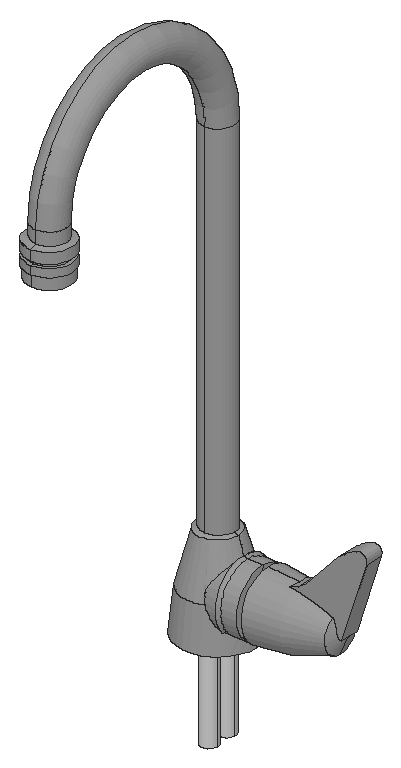
Revit family "equip-faucet-elkay-lkd208513", category Plumbing Fixtures, Revit 2019
Family settings
  Round Connector Dimension = Use Radius
  Part Type = Normal
  OmniClass Number = 23.45.55.17
  OmniClass Title = Mixing Faucets
  Work Plane-Based = Yes
  Always vertical = Yes
  Cut with Voids When Loaded = No
  Shared = No
  Room Calculation Point = No
Parameters
  URL = "www.elkayusa.com"
  Type Comments = ""
  Stem Material = Metal - Steel
  Specification URL = "http://www.elkayusa.com/cps/rde/xbcr/elkay/05-123_LKD20858_LKD208513.pdf"
  OmniClass Title = "Mixing Faucets"
  OmniClass Code = "23.45.55.17"
  Nominal Radius = Nominal Dia / 2  # 0' - 0 3/16"
  Nominal Dia = 0' - 0 3/8"
  Model = ""
  MasterFormat Title = "Commercial Faucets"
  MasterFormat Number = "22 42 39"
  Manufacturer = "Elkay"
  Keynote = ""
  HW Flow Rate = 2 GPM
  Faucet Material = Metal - Steel - Stainless - Chrome
  Description = ""
  Default Elevation = 3' - 0"
  Cost = 0
  CW Flow Rate = 2 GPM
  Assembly Code = "D2010900"
Reference planes (in)
  plane 1 "Center (Front/Back)": y = 0
  plane 2 "Sink Deck": z = 0
  plane 3 "Center (Left/Right)": x = 0
  plane 4 "Bottom of Stem": z = -2.12225
  plane 5 "Masking Region": z = 1.25
  plane 6 "CL Back Conn": y = 0.24999
  plane 7 "CL Front Conn": y = -0.25001
  plane 8 "Back": y = 0.87176
  plane 9 "Front": y = -0.8748
  plane 10 "Right": x = 2.89627
  plane 11 "Left": x = -2.89627
Forms (in)
  Sweep 1, solid, material "Metal - Steel - Stainless - Chrome" <- "Faucet Material"
    path origin (0, 0, 0) x (0, 1, 0) y (0, 0, 1)
      loop
        line (0, 2.125) -> (0, 10.375)
        arc (0, 10.375) -> (-2.37527, 12.75) -> (-4.75, 10.37446) r 2.375
        line (-4.75, 10.37446) -> (-4.75, 9.5941)
    profile origin (0, 0, 6.25) x (0, -1, 0) y (1, 0, 0)
      loop
        circle (0, 0) r 0.375
  Revolve 2, solid, material "Metal - Steel - Stainless - Chrome" <- "Faucet Material"
    sketch origin (0, 0, 0) x (1, 0, 0) y (0, 0, 1)
      loop
        line (0, 2.232) -> (0, 0) -> (0.87525, 0)
        arc (0.87525, 0) -> (0.84202, 0.48472) -> (0.77524, 0.96596) r 7
        arc (0.77524, 0.96596) -> (0.64698, 1.55205) -> (0.469, 2.125) r 7
        line (0.469, 2.125) -> (0.29525, 2.232) -> (0, 2.232)
      axis (0, 2.232) -> (0, 0)
    angle from 0 to 360
  Revolve 3, solid, material "Metal - Steel - Stainless - Chrome" <- "Faucet Material"
    sketch origin (0, 0, 0) x (0, 1, 0) y (0, 0, 1)
      loop
        line (-4.75, 10.18786) -> (-5.05543, 10.18786)
        arc (-5.05543, 10.18786) -> (-5.14047, 10.08548) -> (-5.266, 10.04125) r 0.25
        line (-5.266, 10.04125) -> (-5.266, 9.81125) -> (-5.1775, 9.81125) -> (-5.1775, 9.71525) -> (-5.2625, 9.71525) -> (-5.2625, 9.53025) -> (-5.23074, 9.53025) -> (-5.23074, 9.26525) -> (-4.75, 9.26525) -> (-4.75, 10.18786)
      axis (-4.75, 10.18786) -> (-4.75, 9.26525)
    angle from 0 to 360
  Extrusion 4, solid, material "Metal - Steel" <- "Stem Material"
    sketch origin (0, 0, 0) x (1, 0, 0) y (0, 1, 0)
      loop
        circle (0, -0.25001) r 0.1875
    from -2.12225 to 0
  Extrusion 5, solid, material "Metal - Steel" <- "Stem Material"
    sketch origin (0, 0, 0) x (1, 0, 0) y (0, 1, 0)
      loop
        circle (0, 0.24999) r 0.1875
    from -2.12225 to 0
  Extrusion 6, solid, material "Metal - Steel - Stainless - Chrome" <- "Faucet Material"
    sketch origin (0, 0, 0) x (-1, 0, 0) y (0, 0, -1)
      loop
        line (-2.89627, -2.62892) -> (-2.15849, -1.84009)
        arc (-2.15849, -1.84009) -> (-2.06646, -1.76282) -> (-1.95864, -1.70975) r 0.5
        line (-1.95864, -1.70975) -> (-1.72115, -1.62654) -> (-1.72115, -0.96875) -> (-2.95328, -0.96875)
        arc (-2.95328, -0.96875) -> (-3.26735, -1.8077) -> (-3.50938, -2.67019) r 10.58985
        spline (-3.50938, -2.67019) -> (-3.51948, -2.73877) -> (-3.5152, -2.79701) -> (-3.49668, -2.84321) -> (-3.46447, -2.87597) -> (-3.41952, -2.89432) -> (-3.36318, -2.89773) -> (-3.29711, -2.88608) -> (-3.22328, -2.85973) -> (-3.14388, -2.81946) -> (-3.06127, -2.76646) -> (-2.97791, -2.70231) -> (-2.89627, -2.62892)
    from -0.20703 to 0.20703
  Revolve 7, solid, material "Metal - Steel - Stainless - Chrome" <- "Faucet Material"
    sketch origin (0, 0, 0) x (1, 0, 0) y (0, 0, 1)
      loop
        arc (2.95328, 0.96875) -> (2.8569, 1.18937) -> (2.75552, 1.40775) r 10.58985
        arc (2.75552, 1.40775) -> (1.96028, 1.6454) -> (1.135, 1.73375) r 4.52346
        line (1.135, 1.73375) -> (1.135, 1.49375) -> (1.02025, 1.49375) -> (1.02025, 0.96875) -> (2.95328, 0.96875)
      axis (2.95328, 0.96875) -> (1.02025, 0.96875)
    angle from 0 to 360
  Revolve 8, solid, material "Metal - Steel - Stainless - Chrome" <- "Faucet Material"
    sketch origin (0, 0, 0) x (-1, 0, 0) y (0, 0, 1)
      loop
        line (-1.02025, 0.96875) -> (0, 0.96875) -> (0, 1.62869) -> (-0.5805, 1.76271)
        arc (-0.5805, 1.76271) -> (-0.61505, 1.731) -> (-0.66064, 1.72) r 0.09375
        arc (-0.66064, 1.72) -> (-0.84047, 1.72056) -> (-1.02025, 1.7165) r 7
        line (-1.02025, 1.7165) -> (-1.02025, 0.96875)
      axis (-1.02025, 0.96875) -> (0, 0.96875)
    angle from 0 to 360
Cuts and joins
  joined: Revolve 2, Revolve 8
  joined: Extrusion 6, Revolve 7
Lines and regions (in)
  Masking region 1
    outline origin (0, 0, 1.25) x (0, -1, 0) y (1, 0, 0)
      loop
        arc (0.79201, 0.37187) -> (-0.87176, -0.00087) -> (0.79274, -0.37029) r 0.87344
        arc (0.79274, -0.37029) -> (0.8748, 0.00087) -> (0.79201, 0.37187) r 0.87648
  Masking region 2
    outline origin (0, 0, 1.25) x (0, -1, 0) y (1, 0, 0)
      loop
        arc (0, 0.375) -> (-0.375, 0) -> (0, -0.375) r 0.375
        line (0, -0.375) -> (4.4326, -0.375)
        arc (4.4326, -0.375) -> (5.27112, 0) -> (4.4326, 0.375) r 0.50311
        line (4.4326, 0.375) -> (0, 0.375)
  Masking region 3
    outline origin (0, 0, 1.25) x (0, -1, 0) y (1, 0, 0)
      loop
        line (0.525, 1.02025) -> (0.525, 1.135) -> (0.765, 1.135)
        arc (0.765, 1.135) -> (0.6767, 1.96029) -> (0.43897, 2.75552) r 4.51926
        line (0.43897, 2.75552) -> (0.20703, 2.86301) -> (-0.20703, 2.86301) -> (-0.43897, 2.75552)
        arc (-0.43897, 2.75552) -> (-0.6767, 1.96029) -> (-0.765, 1.135) r 4.51926
        line (-0.765, 1.135) -> (-0.525, 1.135) -> (-0.525, 1.02025) -> (-0.74802, 1.02025) -> (-0.75083, 0.63549)
        arc (-0.75083, 0.63549) -> (-0.76336, 0.59853) -> (-0.79547, 0.57634) r 0.06212
        line (-0.79547, 0.57634) -> (-0.76854, 0.39779)
        arc (-0.76854, 0.39779) -> (-0.00045, 0.86675) -> (0.76884, 0.39976) r 0.86531
        line (0.76884, 0.39976) -> (0.79547, 0.57634)
        arc (0.79547, 0.57634) -> (0.76336, 0.59853) -> (0.75083, 0.63549) r 0.06212
        line (0.75083, 0.63549) -> (0.74802, 1.02025) -> (0.525, 1.02025)
  Masking region 4
    outline origin (0, 0, 1.25) x (0, -1, 0) y (1, 0, 0)
      loop
        line (0.20703, 3.51977) -> (-0.20703, 3.51977) -> (-0.20703, 1.40178) -> (0.20703, 1.40178) -> (0.20703, 3.51977)
  reference lines, not visible
    curve 1: line (0, 0, 0.2814) -> (0, 0, 2.84832)
    curve 2: line (0, 0, 2.45085) -> (0, 0, 0.2814)
    curve 3: line (0, 0, 2.45085) -> (0, 0, 0.2814)
    curve 4: line (0, 0, 7.0064) -> (0, 0, 0.2814)
    curve 5: line (0, 0, 6.2564) -> (0, 0, 0.2814)
    curve 6: line (0, 0, 2.67639) -> (0, 0, 1.3264)
    curve 7: line (0, 0, 2.96625) -> (0, 0, 0.2814)
    curve 8: line (0, 0, 3.42108) -> (0, 0, 0.2814)
    curve 14: line (0, 0, 0.2814) -> (0, 0, 2.84832)
    curve 15: line (0, 0, 2.45085) -> (0, 0, 0.2814)
    curve 16: line (0, 0, 2.45085) -> (0, 0, 0.2814)
    curve 17: line (0, 0, 7.0064) -> (0, 0, 0.2814)
    curve 18: line (0, 0, 6.2564) -> (0, 0, 0.2814)
    curve 19: line (0, 0, 2.67639) -> (0, 0, 1.3264)
    curve 20: line (0, 0, 2.96625) -> (0, 0, 0.2814)
    curve 21: line (0, 0, 3.42108) -> (0, 0, 0.2814)
  symbolic lines, style "Faucet Plan"
    curve 9: arc (0.375, -0.3283, 1.25) -> (0, 0.49841, 1.25) -> (-0.375, -0.3283, 1.25) r 0.49841
    curve 10: line (0.57561, -0.79547, 1.25) -> (0.57561, -0.64803, 1.25)
    curve 11: line (1.02025, 0.525, 1.25) -> (1.02025, -0.525, 1.25)
    curve 12: line (1.135, 0.525, 1.25) -> (1.135, -0.525, 1.25)
    curve 13: line (0.57561, 0.79547, 1.25) -> (0.57561, 0.64803, 1.25)
  reference lines
    curve 22: circle (0, 0.24999, 0) r 0.1875 normal (0, 0, 1)
    curve 23: circle (0, -0.25001, 0) r 0.1875 normal (0, 0, 1)
  model lines, style "Faucet Plan"
    curve 24: line (0.375, -4.76934, 0) -> (0.375, -4.4326, 0)
    curve 25: arc (-0.375, -4.76934, 0) -> (0, -5.14434, 0) -> (0.375, -4.76934, 0) r 0.375
    curve 26: line (-0.375, -4.4326, 0) -> (-0.375, -4.76934, 0)
Dimensions and locks (in)
  locked: plane 5 "Masking Region" to plane 2 "Sink Deck" at 1.25
  "Nominal Radius": radius of curve 22
  "Nominal Radius": radius of curve 23
  aligned and locked: Extrusion 4 sketch curve to curve 23
  aligned and locked: Extrusion 5 sketch curve to curve 22
  aligned and locked: Extrusion 5 to plane 4 "Bottom of Stem"
  aligned and locked: Extrusion 4 to plane 4 "Bottom of Stem"
  aligned and locked: plane 2 "Sink Deck" to Extrusion 5
  aligned and locked: plane 2 "Sink Deck" to Extrusion 4
Automatic sketch dimensions
  curve 23 to plane 3 "Center (Left/Right)" = 0' - 0"
  curve 22 to plane 3 "Center (Left/Right)" = 0' - 0"
  curve 23 to plane 7 "CL Front Conn" = 0' - 0"
  curve 22 to plane 6 "CL Back Conn" = 0' - 0"
  curve 1 to plane 1 "Center (Front/Back)" = 0' - 0"
  curve 2 to plane 1 "Center (Front/Back)" = 0' - 0"
  curve 3 to plane 1 "Center (Front/Back)" = 0' - 0"
  curve 4 to plane 1 "Center (Front/Back)" = 0' - 0"
  curve 5 to plane 1 "Center (Front/Back)" = 0' - 0"
  curve 6 to plane 1 "Center (Front/Back)" = 0' - 0"
  curve 7 to plane 1 "Center (Front/Back)" = 0' - 0"
  curve 8 to plane 1 "Center (Front/Back)" = 0' - 0"
  curve 14 to plane 1 "Center (Front/Back)" = 0' - 0"
  curve 15 to plane 1 "Center (Front/Back)" = 0' - 0"
  curve 16 to plane 1 "Center (Front/Back)" = 0' - 0"
  curve 17 to plane 1 "Center (Front/Back)" = 0' - 0"
  curve 18 to plane 1 "Center (Front/Back)" = 0' - 0"
  curve 19 to plane 1 "Center (Front/Back)" = 0' - 0"
  curve 20 to plane 1 "Center (Front/Back)" = 0' - 0"
  curve 21 to plane 1 "Center (Front/Back)" = 0' - 0"
  level to curve 1 = 0' - 0.2814"
  curve 20 to curve 1 = 0' - 0"
  curve 18 to curve 20 = 0' - 0"
  curve 2 to curve 18 = 0' - 0"
  curve 17 to curve 18 = 0' - 0"
  curve 3 to curve 2 = 0' - 0"
  curve 16 to curve 17 = 0' - 0"
  curve 4 to curve 2 = 0' - 0"
  curve 15 to curve 16 = 0' - 0"  (x2)
  curve 5 to curve 4 = 0' - 0"
  curve 14 to curve 1 = 0' - 0"  (x2)
  curve 8 to curve 2 = 0' - 0"
  curve 7 to curve 8 = 0' - 0"
  curve 21 to curve 15 = 0' - 0"
  plane 5 "Masking Region" to curve 6 = 0' - 0.0764"
  curve 19 to curve 6 = 0' - 0"  (x2)
  curve 6 to curve 3 = 0' - 1.12445"
  curve 16 to curve 3 = 0' - 0"
  curve 2 to curve 3 = 0' - 0"
  curve 2 to curve 6 = 0' - 0.22554"
  curve 6 to curve 1 = 0' - 0.17192"
  curve 1 to curve 20 = 0' - 0.11793"
  curve 7 to curve 20 = 0' - 0"
  curve 7 to curve 21 = 0' - 0.45483"
  curve 8 to curve 21 = 0' - 0"
  curve 8 to curve 5 = 0' - 2.83532"
  curve 18 to curve 5 = 0' - 0"
  curve 5 to curve 17 = 0' - 0 3/4"
  curve 4 to curve 17 = 0' - 0"
  Sweep 1 sketch curve to plane 1 "Center (Front/Back)" = 0' - 0"
  Sweep 1 sketch curve to plane 9 "Front" = 0' - 1.5002"
  Sweep 1 sketch curve to Sweep 1 sketch curve = 0' - 2 3/8"
  plane 5 "Masking Region" to Sweep 1 sketch curve = 0' - 0 7/8"
  plane 5 "Masking Region" to Sweep 1 sketch curve = 0' - 8.3441"
  Sweep 1 sketch curve to Sweep 1 sketch curve = 0' - 0.78036"
  Sweep 1 sketch curve to plane 3 "Center (Left/Right)" = 0' - 0"
  Sweep 1 sketch curve to profile plane = 0' - 0"
  Revolve 2 sketch curve to Revolve 2 sketch curve = 0' - 0"  (x3)
  Revolve 2 sketch curve to level = 0' - 0"  (x2)
  Revolve 2 sketch curve to plane 3 "Center (Left/Right)" = 0' - 0"  (x2)
  Revolve 2 sketch curve to level = 0' - 0.23614"
  Revolve 2 sketch curve to plane 11 "Left" = 0' - 3.22449"
  plane 3 "Center (Left/Right)" to Revolve 2 sketch curve = 0' - 0.29525"
  Revolve 2 sketch curve to Revolve 2 sketch curve = 0' - 0.17375"
  Revolve 2 sketch curve to plane 5 "Masking Region" = 0' - 0.28404"
  plane 3 "Center (Left/Right)" to Revolve 2 sketch curve = 0' - 0.77524"
  Revolve 2 sketch curve to Revolve 2 sketch curve = 0' - 0.107"
  Revolve 3 sketch curve to plane 9 "Front" = 0' - 4.40852"
  Revolve 3 sketch curve to Revolve 3 sketch curve = 0' - 0.01732"
  Revolve 3 sketch curve to Revolve 3 sketch curve = 0' - 0"  (x3)
  Revolve 3 sketch curve to Revolve 3 sketch curve = 0' - 0.0035"
  Revolve 3 sketch curve to Revolve 3 sketch curve = 0' - 0.03176"
  Revolve 3 sketch curve to Revolve 3 sketch curve = 0' - 0.085"
  Revolve 3 sketch curve to Revolve 3 sketch curve = 0' - 0.22789"
  Revolve 3 sketch curve to Revolve 3 sketch curve = 0' - 0.30543"
  plane 5 "Masking Region" to Revolve 3 sketch curve = 0' - 8.01525"
  Revolve 3 sketch curve to Revolve 3 sketch curve = 0' - 0.265"
  Revolve 3 sketch curve to Revolve 3 sketch curve = 0' - 0.185"
  Revolve 3 sketch curve to Revolve 3 sketch curve = 0' - 0.05968"
  Revolve 3 sketch curve to Revolve 3 sketch curve = 0' - 0.096"
  Revolve 3 sketch curve to Revolve 3 sketch curve = 0' - 0.23"
  Revolve 3 sketch curve to Revolve 3 sketch curve = 0' - 0.14661"
  Masking region 1 sketch curve to plane 3 "Center (Left/Right)" = 0' - 0"
  Masking region 1 sketch curve to plane 1 "Center (Front/Back)" = 0' - 0.00168"
  plane 3 "Center (Left/Right)" to Masking region 1 sketch curve = 0' - 0"
  plane 1 "Center (Front/Back)" to Masking region 1 sketch curve = 0' - 0.00168"
  plane 9 "Front" to Masking region 1 sketch curve = 0' - 0.0828"
  plane 9 "Front" to Masking region 1 sketch curve = 0' - 0.08206"
  plane 1 "Center (Front/Back)" to Masking region 2 sketch curve = 0' - 0"
  plane 1 "Center (Front/Back)" to curve 9 = 0' - 0"
  curve 9 to plane 3 "Center (Left/Right)" = 0' - 0"
  plane 6 "CL Back Conn" to curve 11 = 0' - 0.27501"
  curve 11 to curve 12 = 0' - 0"  (x2)
  curve 13 to plane 8 "Back" = 0' - 0.22373"
  curve 13 to plane 8 "Back" = 0' - 0.07629"
  curve 9 to plane 7 "CL Front Conn" = 0' - 0.0783"  (x2)
  curve 12 to plane 7 "CL Front Conn" = 0' - 0.27499"
  plane 9 "Front" to curve 10 = 0' - 0.22677"
  plane 9 "Front" to curve 10 = 0' - 0.07933"
  curve 9 to plane 3 "Center (Left/Right)" = 0' - 0 3/8"
  plane 3 "Center (Left/Right)" to curve 13 = 0' - 0.57561"
  curve 9 to curve 10 = 0' - 0.20061"
  curve 10 to curve 11 = 0' - 0.44464"
  curve 11 to curve 12 = 0' - 0.11475"
  plane 3 "Center (Left/Right)" to Masking region 3 sketch curve = 0' - 1.06891"  (x2)
  plane 8 "Back" to Masking region 3 sketch curve = 0' - 2.88201"
  Masking region 3 sketch curve to plane 8 "Back" = 0' - 0.05882"
  Masking region 3 sketch curve to Masking region 3 sketch curve = 0' - 0.01748"
  Masking region 3 sketch curve to plane 8 "Back" = 0' - 0.10322"
  Masking region 3 sketch curve to plane 8 "Back" = 0' - 0.10676"
  Masking region 3 sketch curve to Masking region 3 sketch curve = 0' - 0.06211"
  Masking region 3 sketch curve to Masking region 3 sketch curve = 0' - 0.01698"
  Masking region 3 sketch curve to Masking region 3 sketch curve = 0' - 0.22302"
  plane 10 "Right" to Masking region 3 sketch curve = 0' - 0.14076"
  Masking region 3 sketch curve to plane 1 "Center (Front/Back)" = 0' - 0.43897"
  Masking region 3 sketch curve to plane 6 "CL Back Conn" = 0' - 0 11/256"
  plane 1 "Center (Front/Back)" to Masking region 3 sketch curve = 0' - 0.00066"
  plane 7 "CL Front Conn" to Masking region 3 sketch curve = 0' - 0 11/256"
  Masking region 3 sketch curve to plane 7 "CL Front Conn" = 0' - 0.18896"
  Masking region 3 sketch curve to plane 7 "CL Front Conn" = 0' - 0.27499"
  plane 9 "Front" to Masking region 3 sketch curve = 0' - 0.12678"
  plane 9 "Front" to Masking region 3 sketch curve = 0' - 0.12397"
  plane 9 "Front" to Masking region 3 sketch curve = 0' - 0.1098"
  plane 9 "Front" to Masking region 3 sketch curve = 0' - 0.10596"
  Masking region 3 sketch curve to Masking region 3 sketch curve = 0' - 0.04464"
  plane 9 "Front" to Masking region 3 sketch curve = 0' - 0.06186"
  Masking region 3 sketch curve to Masking region 3 sketch curve = 0' - 2.94083"
  plane 3 "Center (Left/Right)" to Masking region 3 sketch curve = 0' - 1.02025"
  Masking region 3 sketch curve to Masking region 3 sketch curve = 0' - 0.11475"  (x2)
  Masking region 3 sketch curve to Masking region 3 sketch curve = 0' - 0.3843"  (x2)
  Masking region 3 sketch curve to Masking region 3 sketch curve = 0' - 0.00045"  (x2)
  Masking region 3 sketch curve to Masking region 3 sketch curve = 0' - 0.17658"
  Masking region 3 sketch curve to Masking region 3 sketch curve = 0' - 0.17856"
  plane 10 "Right" to Masking region 3 sketch curve = 0' - 0.03326"
  Masking region 4 sketch curve to plane 6 "CL Back Conn" = 0' - 0 11/256"
  plane 7 "CL Front Conn" to Masking region 4 sketch curve = 0' - 0 11/256"
  plane 3 "Center (Left/Right)" to Masking region 4 sketch curve = 0' - 1.40178"
  Masking region 4 sketch curve to plane 10 "Right" = 0' - 0.6235"
  Revolve 8 sketch curve to plane 3 "Center (Left/Right)" = 0' - 0"  (x2)
  Revolve 8 sketch curve to plane 3 "Center (Left/Right)" = 0' - 0.5805"
  Revolve 8 sketch curve to Revolve 8 sketch curve = 0' - 0.07864"
  Revolve 8 sketch curve to Revolve 8 sketch curve = 0' - 0.08014"
  Revolve 8 sketch curve to Revolve 8 sketch curve = 0' - 0"  (x2)
  Revolve 8 sketch curve to plane 3 "Center (Left/Right)" = 0' - 0.77227"
  plane 5 "Masking Region" to Revolve 8 sketch curve = 0' - 0 9/32"
  Revolve 8 sketch curve to Revolve 8 sketch curve = 0' - 0.35961"  (x2)
  plane 4 "Bottom of Stem" to Revolve 8 sketch curve = 0' - 3.15686"
  Revolve 8 sketch curve to plane 5 "Masking Region" = 0' - 0.37869"
  Revolve 8 sketch curve to plane 5 "Masking Region" = 0' - 0.4665"
  plane 10 "Right" to Extrusion 6 sketch curve = 0' - 0"
  plane 10 "Right" to Extrusion 6 sketch curve = 0' - 0.05701"
  plane 10 "Right" to Extrusion 6 sketch curve = 0' - 0.13961"
  Extrusion 6 sketch curve to Extrusion 6 sketch curve = 0' - 0.4735"
  Extrusion 6 sketch curve to plane 10 "Right" = 0' - 0.3035"
  Extrusion 6 sketch curve to Extrusion 6 sketch curve = 0' - 0.43428"
  Extrusion 6 sketch curve to Extrusion 6 sketch curve = 0' - 0.19985"
  Extrusion 6 sketch curve to Extrusion 6 sketch curve = 0' - 0.16532"
  plane 5 "Masking Region" to Extrusion 6 sketch curve = 0' - 0 9/32"
  Extrusion 6 sketch curve to Extrusion 6 sketch curve = 0' - 0.2375"
  plane 11 "Left" to Extrusion 6 sketch curve = 0' - 3.90222"
  Extrusion 6 sketch curve to plane 5 "Masking Region" = 0' - 0.37654"
  Extrusion 6 sketch curve to Extrusion 6 sketch curve = 0' - 0.08321"
  Extrusion 6 sketch curve to Extrusion 6 sketch curve = 0' - 0.13034"
  Extrusion 6 sketch curve to Extrusion 6 sketch curve = 0' - 0.07775"
  Extrusion 6 sketch curve to Extrusion 6 sketch curve = 0' - 0.23774"
  Revolve 7 sketch curve to plane 4 "Bottom of Stem" = 0' - 1.0379"
  Revolve 7 sketch curve to plane 11 "Left" = 0' - 3.90222"
  plane 5 "Masking Region" to Revolve 7 sketch curve = 0' - 0.24375"
  plane 3 "Center (Left/Right)" to Revolve 7 sketch curve = 0' - 1.02025"
  Revolve 7 sketch curve to Revolve 7 sketch curve = 0' - 0"  (x3)
  plane 3 "Center (Left/Right)" to Revolve 7 sketch curve = 0' - 1.06817"
  Revolve 7 sketch curve to Revolve 7 sketch curve = 0' - 0.11475"
  plane 10 "Right" to Revolve 7 sketch curve = 0' - 0.14075"
  Revolve 7 sketch curve to plane 10 "Right" = 0' - 0.05701"
  Revolve 7 sketch curve to plane 4 "Bottom of Stem" = 0' - 0.66696"
  Revolve 7 sketch curve to plane 5 "Masking Region" = 0' - 0 9/32"
  Masking region 2 sketch curve to plane 3 "Center (Left/Right)" = 0' - 0"  (x2)
  Masking region 2 sketch curve to plane 3 "Center (Left/Right)" = 0' - 0 3/8"
  Masking region 2 sketch curve to plane 9 "Front" = 0' - 3.55779"
  Masking region 2 sketch curve to Masking region 2 sketch curve = 0' - 0.33541"
  curve 25 to plane 3 "Center (Left/Right)" = 0' - 0"
  curve 26 to curve 25 = 0' - 0 3/8"
  curve 26 to plane 9 "Front" = 0' - 3 229/256"
  curve 25 to curve 26 = 0' - 0.33674"
  curve 24 to curve 24 = 0' - 0.33674"
  radius of Sweep 1 sketch curve = 0' - 0 3/8"
Connectors (in)
  piping at (0, -0.25001, -2.12225), diameter 0.375, driven by "Nominal Radius", driven by "HW Flow Rate"
    settings: on Extrusion 4, index 1, connector inside diameter 3/8", connector length 0' - 0", flow factor 0, pipe flow 2 GPM, pressure drop 0.00 psi, fitting loss kfactor 0, connector angle 0.00°, fixture units 0, engagement length 0' - 0", angle of deflection 0.00°, flow configuration 1, flow direction 1, fitting loss method 0, system type 29, joint type 0, gender type 0, connector reference index -1, connector utility 0, adjustable connector no, is connector primary yes, connector description "Hot Water Supply"
  piping at (0, 0.24999, -2.12225), diameter 0.375, driven by "CW Flow Rate", driven by "Nominal Radius"
    settings: on Extrusion 5, index 2, connector inside diameter 3/8", connector length 0' - 0", flow factor 0, pipe flow 2 GPM, pressure drop 0.00 psi, fitting loss kfactor 0, connector angle 0.00°, fixture units 0, engagement length 0' - 0", angle of deflection 0.00°, flow configuration 1, flow direction 1, fitting loss method 0, system type 29, joint type 0, gender type 0, connector reference index -1, connector utility 0, adjustable connector no, is connector primary no, connector description "Cold Water Supply"
